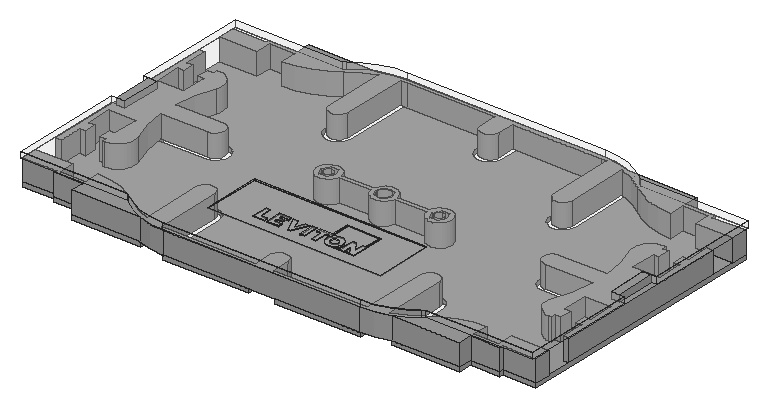
Revit family "Data_Device-Network-Leviton-Splice_Tray-T5PLS", category Data Devices, host Face, Revit 2025 (continued)
Definition of nested family "24-Fiber High Density"
  Lines and regions (in)
    symbolic lines
      curve 17: line (3.61835, 0.29384, 0) -> (3.815, 0.29384, 0)
      curve 18: line (3.815, 0.29384, 0) -> (3.815, 2.00116, 0)
      curve 19: line (3.815, 2.00116, 0) -> (2.21957, 2.00116, 0)
      curve 20: arc (2.21957, 2.00116, 0) -> (2.20273, 2.01354, 0) -> (2.18611, 2.02622, 0) r 1.17102
      curve 21: arc (2.18611, 2.02622, 0) -> (1.84926, 2.21468, 0) -> (1.46883, 2.28, 0) r 1.14053
      curve 22: line (1.46883, 2.28, 0) -> (-1.46883, 2.28, 0)
      curve 23: arc (-1.46883, 2.28, 0) -> (-1.84926, 2.21468, 0) -> (-2.18611, 2.02622, 0) r 1.14053
      curve 24: arc (-2.18611, 2.02622, 0) -> (-2.20273, 2.01354, 0) -> (-2.21957, 2.00116, 0) r 1.17102
  Dimensions and locks (in)
    equal spacing: plane 5 "Top", plane 1 "Center (Front/Back)", plane 7 "Bottom"
    "Height": plane 5 "Top" to plane 7 "Bottom"
    equal spacing: plane 4 "Left", plane 3 "Center (Left/Right)", plane 6 "Right"
    "Width": plane 4 "Left" to plane 6 "Right"
    "Depth": plane 8 to plane 2
    locked: plane 8 to plane 9 at 0.1
    plane 10 to plane 2 = 0.06"
    locked: nested 1 to plane 7 "Bottom" at 0.78
    equal spacing: plane 11, plane 3 "Center (Left/Right)", plane 12
    locked: plane 11 to plane 12 at 1.65338
    Extrusion 5 sketch curve to Extrusion 5 sketch curve to plane 7 "Bottom" = 0.87" locked, 0.6" locked
    equal spacing: Extrusion 5 sketch curve, plane 3 "Center (Left/Right)", Extrusion 5 sketch curve
    locked: Extrusion 5 sketch curve to Extrusion 5 sketch curve at 2.57
    aligned and locked: plane 2 to Extrusion 1
    aligned and locked: level to Extrusion 1
    aligned and locked: plane 10 to Extrusion 3
    aligned and locked: Extrusion 4 sketch curve to plane 4 "Left"
    aligned and locked: Extrusion 4 sketch curve to plane 6 "Right"
    aligned and locked: Extrusion 4 sketch curve to plane 5 "Top"
    aligned and locked: Extrusion 4 sketch curve to plane 7 "Bottom"
    aligned and locked: Extrusion 4 to plane 9
    aligned and locked: nested 1 to plane 9
    aligned and locked: cut or joined group of Extrusion 4, Extrusion 5, Extrusion 6 to plane 9
    aligned and locked: Extrusion 5 to nested 1
    aligned and locked: Extrusion 7 to plane 9
    aligned and locked: curve 1 to cut or joined group of Extrusion 4, Extrusion 5, Extrusion 6
    aligned and locked: curve 2 to cut or joined group of Extrusion 4, Extrusion 5, Extrusion 6
    aligned and locked: curve 3 to cut or joined group of Extrusion 4, Extrusion 5, Extrusion 6
    aligned and locked: curve 4 to cut or joined group of Extrusion 4, Extrusion 5, Extrusion 6
    aligned and locked: curve 5 to cut or joined group of Extrusion 4, Extrusion 5, Extrusion 6
    aligned and locked: curve 6 to cut or joined group of Extrusion 4, Extrusion 5, Extrusion 6
    aligned and locked: curve 7 to cut or joined group of Extrusion 4, Extrusion 5, Extrusion 6
    aligned and locked: curve 8 to cut or joined group of Extrusion 4, Extrusion 5, Extrusion 6
    aligned and locked: curve 9 to cut or joined group of Extrusion 4, Extrusion 5, Extrusion 6
    aligned and locked: curve 10 to cut or joined group of Extrusion 4, Extrusion 5, Extrusion 6
    aligned and locked: curve 11 to cut or joined group of Extrusion 4, Extrusion 5, Extrusion 6
    aligned and locked: curve 12 to cut or joined group of Extrusion 4, Extrusion 5, Extrusion 6
    aligned and locked: curve 13 to cut or joined group of Extrusion 4, Extrusion 5, Extrusion 6
    aligned and locked: curve 14 to cut or joined group of Extrusion 4, Extrusion 5, Extrusion 6
    aligned and locked: curve 15 to cut or joined group of Extrusion 4, Extrusion 5, Extrusion 6
    aligned and locked: curve 16 to cut or joined group of Extrusion 4, Extrusion 5, Extrusion 6
    aligned and locked: curve 17 to cut or joined group of Extrusion 4, Extrusion 5, Extrusion 6
    aligned and locked: curve 18 to cut or joined group of Extrusion 4, Extrusion 5, Extrusion 6
    aligned and locked: curve 19 to cut or joined group of Extrusion 4, Extrusion 5, Extrusion 6
    aligned and locked: curve 20 to cut or joined group of Extrusion 4, Extrusion 5, Extrusion 6
    aligned and locked: curve 21 to cut or joined group of Extrusion 4, Extrusion 5, Extrusion 6
    aligned and locked: curve 22 to cut or joined group of Extrusion 4, Extrusion 5, Extrusion 6
    aligned and locked: curve 23 to cut or joined group of Extrusion 4, Extrusion 5, Extrusion 6
    aligned and locked: curve 24 to cut or joined group of Extrusion 4, Extrusion 5, Extrusion 6
  Automatic sketch dimensions
    Extrusion 1 sketch curve to Extrusion 1 sketch curve = 96"  (x2)
    Extrusion 6 sketch curve to Extrusion 6 sketch curve = 0"  (x2)
    Extrusion 6 sketch curve to plane 11 = 0"
    Extrusion 6 sketch curve to plane 3 "Center (Left/Right)" = 0"
    Extrusion 6 sketch curve to plane 12 = 0"
    plane 1 "Center (Front/Back)" to Extrusion 6 sketch curve = 0.00011"  (x3)
    Extrusion 6 sketch curve to Extrusion 6 sketch curve = 0.1"
    Extrusion 2 sketch curve to Extrusion 2 sketch curve = 0"  (x18)
    Extrusion 2 sketch curve to plane 4 "Left" = 0"  (x3)
    Extrusion 2 sketch curve to plane 3 "Center (Left/Right)" = 0"  (x4)
    Extrusion 2 sketch curve to plane 6 "Right" = 0"  (x3)
    plane 4 "Left" to Extrusion 2 sketch curve = 0.07866"  (x4)
    Extrusion 2 sketch curve to Extrusion 2 sketch curve = 0.08849"  (x8)
    Extrusion 2 sketch curve to Extrusion 2 sketch curve = 0.21631"  (x2)
    plane 4 "Left" to Extrusion 2 sketch curve = 0.49162"  (x2)
    Extrusion 2 sketch curve to Extrusion 2 sketch curve = 0.03747"  (x6)
    Extrusion 2 sketch curve to Extrusion 2 sketch curve = 0.05899"  (x9)
    Extrusion 2 sketch curve to plane 1 "Center (Front/Back)" = 0.13652"
    Extrusion 2 sketch curve to Extrusion 2 sketch curve = 0.12918"
    Extrusion 2 sketch curve to Extrusion 2 sketch curve = 0.00016"  (x2)
    plane 4 "Left" to Extrusion 2 sketch curve = 0.90371"  (x2)
    Extrusion 2 sketch curve to Extrusion 2 sketch curve = 0.37363"  (x9)
    plane 1 "Center (Front/Back)" to Extrusion 2 sketch curve = 0.13879"  (x2)
    Extrusion 2 sketch curve to Extrusion 2 sketch curve = 0.70451"
    Extrusion 2 sketch curve to plane 5 "Top" = 0.07787"
    Extrusion 2 sketch curve to Extrusion 2 sketch curve = 1.01533"  (x2)
    plane 7 "Bottom" to Extrusion 2 sketch curve = 0.07787"
    Extrusion 2 sketch curve to Extrusion 2 sketch curve = 0.06624"  (x4)
    Extrusion 2 sketch curve to Extrusion 2 sketch curve = 0.13765"  (x9)
    Extrusion 2 sketch curve to Extrusion 2 sketch curve = 0.08"  (x3)
    Extrusion 2 sketch curve to Extrusion 2 sketch curve = 0.00943"  (x6)
    plane 1 "Center (Front/Back)" to Extrusion 2 sketch curve = 0.00113"  (x3)
    Extrusion 2 sketch curve to plane 11 = 0.44521"
    plane 1 "Center (Front/Back)" to Extrusion 2 sketch curve = 0.00011"  (x5)
    Extrusion 2 sketch curve to plane 11 = 0.12302"
    Extrusion 2 sketch curve to plane 11 = 0.06151"  (x2)
    plane 11 to Extrusion 2 sketch curve = 0.00076"
    plane 11 to Extrusion 2 sketch curve = 0.06151"  (x2)
    Extrusion 2 sketch curve to Extrusion 2 sketch curve = 0.12226"
    Extrusion 2 sketch curve to plane 1 "Center (Front/Back)" = 0.02963"  (x2)
    Extrusion 2 sketch curve to Extrusion 2 sketch curve = 0.05203"  (x2)
    plane 1 "Center (Front/Back)" to Extrusion 2 sketch curve = 0.02942"  (x2)
    Extrusion 2 sketch curve to Extrusion 2 sketch curve = 0.00042"  (x2)
    Extrusion 2 sketch curve to plane 3 "Center (Left/Right)" = 0.17667"
    Extrusion 2 sketch curve to plane 5 "Top" = 0.05899"
    Extrusion 2 sketch curve to plane 3 "Center (Left/Right)" = 0.13765"
    plane 12 to Extrusion 2 sketch curve = 0.17547"
    plane 12 to Extrusion 2 sketch curve = 0.06151"  (x2)
    plane 12 to Extrusion 2 sketch curve = 0.00076"
    Extrusion 2 sketch curve to plane 12 = 0.06151"  (x2)
    Extrusion 2 sketch curve to plane 12 = 0.12302"
    Extrusion 2 sketch curve to Extrusion 2 sketch curve = 0.32219"
    Extrusion 2 sketch curve to plane 1 "Center (Front/Back)" = 0.00113"  (x2)
    Extrusion 2 sketch curve to plane 12 = 0.61775"  (x2)
    Extrusion 2 sketch curve to Extrusion 2 sketch curve = 0.08943"
    Extrusion 2 sketch curve to Extrusion 2 sketch curve = 1.23728"
    Extrusion 2 sketch curve to plane 6 "Right" = 0.92425"  (x2)
    Extrusion 2 sketch curve to plane 5 "Top" = 0.27846"
    Extrusion 2 sketch curve to Extrusion 2 sketch curve = 0.02054"  (x2)
    Extrusion 2 sketch curve to plane 6 "Right" = 0.6013"
    Extrusion 2 sketch curve to plane 6 "Right" = 0.50943"  (x2)
    Extrusion 2 sketch curve to plane 6 "Right" = 0.16715"  (x2)
    Extrusion 2 sketch curve to plane 6 "Right" = 0.07866"  (x4)
    Extrusion 2 sketch curve to plane 7 "Bottom" = 0.60961"  (x2)
    plane 7 "Bottom" to Extrusion 2 sketch curve = 0.05899"  (x2)
    Extrusion 2 sketch curve to Extrusion 2 sketch curve = 0.00339"  (x2)
    Extrusion 2 sketch curve to Extrusion 2 sketch curve = 0.68749"
    Extrusion 2 sketch curve to Extrusion 2 sketch curve = 0.03891"  (x4)
    Extrusion 2 sketch curve to Extrusion 2 sketch curve = 0.20058"
    plane 7 "Bottom" to Extrusion 2 sketch curve = 0.27846"
    Extrusion 2 sketch curve to Extrusion 2 sketch curve = 0.25564"  (x2)
    Extrusion 2 sketch curve to Extrusion 2 sketch curve = 0.05585"  (x3)
    Extrusion 2 sketch curve to Extrusion 2 sketch curve = 0.00315"
    Extrusion 2 sketch curve to Extrusion 2 sketch curve = 0.23265"  (x3)
    Extrusion 2 sketch curve to Extrusion 2 sketch curve = 0.23598"  (x2)
    Extrusion 2 sketch curve to Extrusion 2 sketch curve = 0.23283"
    Extrusion 2 sketch curve to Extrusion 2 sketch curve = 0.27173"  (x2)
    Extrusion 2 sketch curve to Extrusion 2 sketch curve = 0.06351"  (x4)
    Extrusion 2 sketch curve to Extrusion 2 sketch curve = 0.33524"  (x3)
    Extrusion 2 sketch curve to Extrusion 2 sketch curve = 0.17605"  (x8)
    Extrusion 2 sketch curve to Extrusion 2 sketch curve = 0.00625"  (x4)
    Extrusion 2 sketch curve to Extrusion 2 sketch curve = 0.31237"
    plane 1 "Center (Front/Back)" to Extrusion 2 sketch curve = 0.10664"  (x2)
    Extrusion 2 sketch curve to plane 1 "Center (Front/Back)" = 0.00011"
    Extrusion 2 sketch curve to plane 1 "Center (Front/Back)" = 0.10643"  (x2)
    Extrusion 2 sketch curve to plane 1 "Center (Front/Back)" = 0.45116"  (x2)
    Extrusion 2 sketch curve to Extrusion 2 sketch curve = 0.36739"  (x2)
    Extrusion 2 sketch curve to plane 1 "Center (Front/Back)" = 1.04111"
    Extrusion 2 sketch curve to Extrusion 2 sketch curve = 0.29165"
    Extrusion 2 sketch curve to Extrusion 2 sketch curve = 0.00018"
    Extrusion 2 sketch curve to plane 5 "Top" = 0.06239"
    plane 5 "Top" to Extrusion 2 sketch curve = 0.60961"  (x2)
    Extrusion 2 sketch curve to plane 5 "Top" = 0"
    Extrusion 2 sketch curve to plane 7 "Bottom" = 0"
    Extrusion 3 sketch curve to plane 4 "Left" = 0"
    Extrusion 3 sketch curve to plane 7 "Bottom" = 0"  (x2)
    Extrusion 3 sketch curve to plane 5 "Top" = 0"  (x2)
    Extrusion 3 sketch curve to plane 3 "Center (Left/Right)" = 0"  (x2)
    Extrusion 3 sketch curve to plane 6 "Right" = 0"
    plane 4 "Left" to Extrusion 3 sketch curve = 0.49162"
    Extrusion 3 sketch curve to Extrusion 3 sketch curve = 0.49162"
    Extrusion 3 sketch curve to plane 1 "Center (Front/Back)" = 0.19552"  (x2)
    plane 4 "Left" to Extrusion 3 sketch curve = 0.60622"
    plane 1 "Center (Front/Back)" to Extrusion 3 sketch curve = 0.19778"  (x2)
    Extrusion 3 sketch curve to Extrusion 3 sketch curve = 0"
    Extrusion 3 sketch curve to plane 5 "Top" = 0.07787"  (x2)
    Extrusion 3 sketch curve to Extrusion 3 sketch curve = 0.43263"  (x4)
    plane 7 "Bottom" to Extrusion 3 sketch curve = 0.07787"  (x2)
    Extrusion 3 sketch curve to Extrusion 3 sketch curve = 0.69959"
    Extrusion 3 sketch curve to Extrusion 3 sketch curve = 1.02258"
    Extrusion 3 sketch curve to plane 11 = 1.04148"
    Extrusion 3 sketch curve to Extrusion 3 sketch curve = 0.19665"  (x5)
    Extrusion 3 sketch curve to plane 11 = 0.44521"
    Extrusion 3 sketch curve to plane 3 "Center (Left/Right)" = 0.19665"
    plane 1 "Center (Front/Back)" to Extrusion 3 sketch curve = 0.00113"
    Extrusion 3 sketch curve to plane 12 = 0.44521"
    Extrusion 3 sketch curve to plane 12 = 0.64818"  (x2)
    Extrusion 3 sketch curve to Extrusion 3 sketch curve = 0.64102"
    Extrusion 3 sketch curve to plane 6 "Right" = 0.92425"  (x2)
    Extrusion 3 sketch curve to plane 5 "Top" = 0.27846"
    Extrusion 3 sketch curve to plane 6 "Right" = 0.60622"
    plane 7 "Bottom" to Extrusion 3 sketch curve = 0.27846"
    Extrusion 3 sketch curve to Extrusion 3 sketch curve = 0.20058"  (x2)
    plane 7 "Bottom" to Extrusion 3 sketch curve = 0.31464"
    plane 7 "Bottom" to Extrusion 3 sketch curve = 0.3343"  (x2)
    Extrusion 3 sketch curve to Extrusion 3 sketch curve = 0.96437"  (x3)
    Extrusion 3 sketch curve to Extrusion 3 sketch curve = 1.04224"
    Extrusion 3 sketch curve to plane 5 "Top" = 0.3343"  (x2)
    Extrusion 3 sketch curve to Extrusion 3 sketch curve = 0.31464"
    Extrusion 4 sketch curve to plane 6 "Right" = 0"
    Extrusion 4 sketch curve to plane 4 "Left" = 0"
    Extrusion 4 sketch curve to plane 5 "Top" = 0.27884"  (x2)
    Extrusion 4 sketch curve to plane 7 "Bottom" = 0.67085"  (x2)
    plane 7 "Bottom" to Extrusion 4 sketch curve = 0.27884"  (x2)
    plane 1 "Center (Front/Back)" to Extrusion 4 sketch curve = 1.13947"  (x2)
    plane 1 "Center (Front/Back)" to Extrusion 4 sketch curve = 0.29611"  (x2)
    Extrusion 4 sketch curve to plane 1 "Center (Front/Back)" = 0.29384"  (x2)
    Extrusion 4 sketch curve to plane 1 "Center (Front/Back)" = 1.13947"  (x2)
    plane 5 "Top" to Extrusion 4 sketch curve = 0.67085"  (x2)
    Extrusion 4 sketch curve to plane 6 "Right" = 0.19665"
    Extrusion 4 sketch curve to plane 6 "Right" = 0.91032"  (x2)
    Extrusion 4 sketch curve to Extrusion 4 sketch curve = 1.43585"  (x2)
    Extrusion 4 sketch curve to Extrusion 4 sketch curve = 0.68511"  (x2)
    Extrusion 4 sketch curve to Extrusion 4 sketch curve = 0.75073"  (x4)
    Extrusion 4 sketch curve to plane 11 = 0.64214"  (x2)
    Extrusion 4 sketch curve to Extrusion 4 sketch curve = 0.19665"
    plane 4 "Left" to Extrusion 7 sketch curve = 0.07866"
    plane 1 "Center (Front/Back)" to Extrusion 7 sketch curve = 0.29611"  (x2)
    Extrusion 7 sketch curve to plane 1 "Center (Front/Back)" = 0.29384"  (x2)
    Extrusion 7 sketch curve to plane 6 "Right" = 0.07866"
    Extrusion 7 sketch curve to Extrusion 7 sketch curve = 0.11799"  (x2)
    Extrusion 8 sketch curve to plane 4 "Left" = 0"
    Extrusion 8 sketch curve to plane 7 "Bottom" = 0"
    Extrusion 8 sketch curve to plane 6 "Right" = 0"
    plane 4 "Left" to Extrusion 8 sketch curve = 0.49162"
    Extrusion 8 sketch curve to Extrusion 8 sketch curve = 0.49162"
    Extrusion 8 sketch curve to Extrusion 8 sketch curve = 0.43263"  (x4)
    plane 7 "Bottom" to Extrusion 8 sketch curve = 0.07787"  (x2)
    Extrusion 8 sketch curve to Extrusion 8 sketch curve = 1.0077"  (x2)
    Extrusion 8 sketch curve to plane 6 "Right" = 0.92425"  (x2)
    Extrusion 8 sketch curve to plane 5 "Top" = 0.27846"
    plane 7 "Bottom" to Extrusion 8 sketch curve = 0.27846"
    Extrusion 8 sketch curve to Extrusion 8 sketch curve = 0.20058"  (x2)
    plane 7 "Bottom" to Extrusion 8 sketch curve = 0.3343"  (x2)
    Extrusion 8 sketch curve to plane 5 "Top" = 0.3343"  (x2)
    Extrusion 8 sketch curve to plane 5 "Top" = 0.07787"  (x2)
    Extrusion 8 sketch curve to plane 12 = 0.64214"  (x2)
    Extrusion 8 sketch curve to Extrusion 8 sketch curve = 0.41421"  (x2)
    Extrusion 8 sketch curve to plane 5 "Top" = 0"
    Extrusion 8 sketch curve to plane 11 = 0.64214"  (x2)
    curve 7 to plane 4 "Left" = 0"
    curve 1 to plane 4 "Left" = 0"
    curve 23 to plane 5 "Top" = 0"
    curve 9 to plane 7 "Bottom" = 0"
    curve 18 to plane 6 "Right" = 0"
    curve 15 to plane 6 "Right" = 0"
    curve 2 to curve 4 = 0.19665"
    plane 4 "Left" to curve 24 = 0.91032"
    plane 4 "Left" to curve 8 = 0.91032"
    curve 1 to plane 5 "Top" = 0.27884"
    curve 24 to curve 1 = 0.68511"
    plane 7 "Bottom" to curve 7 = 0.27884"
    curve 8 to curve 7 = 0.68511"
    curve 23 to plane 11 = 0.64214"
    curve 7 to curve 10 = 0.75073"
    curve 10 to plane 12 = 0.64214"
    curve 21 to plane 12 = 0.64214"
    plane 7 "Bottom" to curve 13 = 0.27884"
    curve 11 to curve 13 = 0.75073"
    curve 19 to plane 5 "Top" = 0.27884"
    curve 21 to curve 19 = 0.75073"
    curve 12 to plane 6 "Right" = 0.91032"
    curve 20 to plane 6 "Right" = 0.91032"
    curve 15 to plane 6 "Right" = 0.19665"
    curve 12 to plane 7 "Bottom" = 0.67085"
    curve 8 to plane 7 "Bottom" = 0.67085"
    plane 1 "Center (Front/Back)" to curve 11 = 1.13947"
    plane 1 "Center (Front/Back)" to curve 9 = 1.13947"
    plane 1 "Center (Front/Back)" to curve 6 = 0.29611"
    plane 1 "Center (Front/Back)" to curve 16 = 0.29611"
    curve 17 to plane 1 "Center (Front/Back)" = 0.29384"
    curve 2 to plane 1 "Center (Front/Back)" = 0.29384"
    curve 21 to plane 1 "Center (Front/Back)" = 1.13947"
    curve 23 to plane 1 "Center (Front/Back)" = 1.13947"
    plane 5 "Top" to curve 20 = 0.67085"
    plane 5 "Top" to curve 24 = 0.67085"
    radius of Extrusion 6 sketch curve = 0.06889"  (x2)
    radius of Extrusion 2 sketch curve = 0.12007"
  Nested families (in)
    nested 1: "Levinton-Logo-Mini" at (0, -1.5, 0.47437), type "Mini", detail levels medium+fine
      with Logo Material none
  Definition of nested family "Levinton-Logo-Mini"
    Parameters (values of type "Mini")
      Logo Material [instance] = none
      Height = 0.645"
      Default Elevation = 48"
    Reference planes (in)
      plane 1 "Center (Front/Back)": y = 0
      plane 2: z = 0
      plane 3 "Center (Left/Right)": x = 0
      plane 4 "Logo Bottom": z = -0.01563
      plane 5: y = 0.52022
      plane 6: x = -0.75
      plane 7: x = 0.75
    Forms (in)
      Extrusion 1, solid, material <- "Logo Material"
        sketch origin (0, 0, -0.01563) x (-1, 0, 0) y (0, -1, 0)
          loop
            line (0.6807, -0.2447) -> (0.75, -0.2447) -> (0.75, 0) -> (0.58397, 0) -> (0.58397, -0.0648) -> (0.6807, -0.0648) -> (0.6807, -0.2447)
          loop
            line (0.36502, -0.2447) -> (0.54675, -0.2447) -> (0.54675, 0) -> (0.36343, 0) -> (0.36343, -0.0638) -> (0.47784, -0.0638) -> (0.47784, -0.09755) -> (0.39492, -0.09755) -> (0.39492, -0.1488) -> (0.47784, -0.1488) -> (0.47784, -0.181) -> (0.36502, -0.181) -> (0.36502, -0.2447)
          loop
            line (0.26335, -0.2447) -> (0.33945, -0.2447) -> (0.24068, 0.00131) -> (0.18347, 0.00146) -> (0.08461, -0.2447) -> (0.15942, -0.2447) -> (0.21139, -0.10474) -> (0.26335, -0.2447)
          loop
            line (-0.01265, -0.2447) -> (0.05659, -0.2447) -> (0.05659, 0) -> (-0.01265, 0) -> (-0.01265, -0.2447)
          loop
            line (-0.36974, 0.00286) -> (-0.75, 0.00286) -> (-0.75, -0.52022) -> (-0.24513, -0.52022) -> (-0.24513, -0.2447) -> (-0.05545, -0.2447) -> (-0.05545, -0.1794) -> (-0.11618, -0.1794) -> (-0.11618, 0) -> (-0.18542, 0) -> (-0.18542, -0.1794) -> (-0.24514, -0.1794) -> (-0.24514, -0.12175)
            arc (-0.24514, -0.12175) -> (-0.28164, -0.03364) -> (-0.36974, 0.00286) r 0.1246
          loop
            line (-0.43149, -0.01348) -> (-0.53031, -0.01348) -> (-0.53031, -0.2447) -> (-0.59073, -0.2447) -> (-0.6814, -0.12172) -> (-0.6814, -0.2447) -> (-0.73267, -0.2447) -> (-0.73265, -0.50286) -> (-0.26251, -0.50286) -> (-0.26242, -0.18507)
            arc (-0.26242, -0.18507) -> (-0.45852, -0.2092) -> (-0.43149, -0.01348) r 0.12462
          loop
            line (-0.59892, -0.01348) -> (-0.6814, -0.01348) -> (-0.59892, -0.12534) -> (-0.59892, -0.01348)
          loop
            circle (-0.36975, -0.12173) r 0.05894
        from 0.01562 to 0.03125
    Dimensions and locks (in)
      locked: plane 2 to plane 4 "Logo Bottom" at 0.01562
      equal spacing: plane 6, plane 3 "Center (Left/Right)", plane 7
      locked: plane 6 to plane 7 at 1.5
      locked: plane 1 "Center (Front/Back)" to plane 5 at 0.52022
    Automatic sketch dimensions
      Extrusion 1 sketch curve to Extrusion 1 sketch curve = 0"  (x7)
      plane 1 "Center (Front/Back)" to Extrusion 1 sketch curve = 0"  (x4)
      Extrusion 1 sketch curve to plane 3 "Center (Left/Right)" = 0.75"
      Extrusion 1 sketch curve to Extrusion 1 sketch curve = 0.01733"
      Extrusion 1 sketch curve to Extrusion 1 sketch curve = 0.01735"
      Extrusion 1 sketch curve to plane 1 "Center (Front/Back)" = 0.12172"
      Extrusion 1 sketch curve to Extrusion 1 sketch curve = 0.05127"
      Extrusion 1 sketch curve to plane 1 "Center (Front/Back)" = 0.01348"  (x2)
      Extrusion 1 sketch curve to Extrusion 1 sketch curve = 0.0686"
      Extrusion 1 sketch curve to plane 1 "Center (Front/Back)" = 0.12534"
      Extrusion 1 sketch curve to Extrusion 1 sketch curve = 0.08248"
      Extrusion 1 sketch curve to plane 1 "Center (Front/Back)" = 0.2447"  (x2)
      Extrusion 1 sketch curve to Extrusion 1 sketch curve = 0.09067"
      Extrusion 1 sketch curve to Extrusion 1 sketch curve = 0.06041"
      Extrusion 1 sketch curve to Extrusion 1 sketch curve = 0.09883"
      Extrusion 1 sketch curve to Extrusion 1 sketch curve = 0.06174"
      Extrusion 1 sketch curve to Extrusion 1 sketch curve = 0.00001"  (x2)
      plane 3 "Center (Left/Right)" to Extrusion 1 sketch curve = 0.26251"
      Extrusion 1 sketch curve to Extrusion 1 sketch curve = 0.10732"
      Extrusion 1 sketch curve to Extrusion 1 sketch curve = 0.01728"
      Extrusion 1 sketch curve to Extrusion 1 sketch curve = 0.01729"
      Extrusion 1 sketch curve to Extrusion 1 sketch curve = 0.05972"
      Extrusion 1 sketch curve to Extrusion 1 sketch curve = 0.06924"
      plane 3 "Center (Left/Right)" to Extrusion 1 sketch curve = 0.05545"
      plane 3 "Center (Left/Right)" to Extrusion 1 sketch curve = 0.01265"
      Extrusion 1 sketch curve to plane 3 "Center (Left/Right)" = 0.05659"
      Extrusion 1 sketch curve to Extrusion 1 sketch curve = 0.02802"
      Extrusion 1 sketch curve to Extrusion 1 sketch curve = 0.07482"
      plane 1 "Center (Front/Back)" to Extrusion 1 sketch curve = 0.00146"
      Extrusion 1 sketch curve to Extrusion 1 sketch curve = 0.12688"
      Extrusion 1 sketch curve to plane 1 "Center (Front/Back)" = 0.10474"
      Extrusion 1 sketch curve to Extrusion 1 sketch curve = 0.02792"
      plane 1 "Center (Front/Back)" to Extrusion 1 sketch curve = 0.00131"
      Extrusion 1 sketch curve to Extrusion 1 sketch curve = 0.05721"
      Extrusion 1 sketch curve to Extrusion 1 sketch curve = 0.10392"
      Extrusion 1 sketch curve to Extrusion 1 sketch curve = 0.0761"
      Extrusion 1 sketch curve to Extrusion 1 sketch curve = 0.12275"
      Extrusion 1 sketch curve to Extrusion 1 sketch curve = 0.02557"
      Extrusion 1 sketch curve to Extrusion 1 sketch curve = 0.02991"
      Extrusion 1 sketch curve to Extrusion 1 sketch curve = 0.08291"
      Extrusion 1 sketch curve to Extrusion 1 sketch curve = 0.06892"
      Extrusion 1 sketch curve to Extrusion 1 sketch curve = 0.03722"
      Extrusion 1 sketch curve to Extrusion 1 sketch curve = 0.09673"
      Extrusion 1 sketch curve to Extrusion 1 sketch curve = 0.0693"
      Extrusion 1 sketch curve to Extrusion 1 sketch curve = 0.12298"
      Extrusion 1 sketch curve to Extrusion 1 sketch curve = 0.25817"
      Extrusion 1 sketch curve to Extrusion 1 sketch curve = 0.01736"
      Extrusion 1 sketch curve to Extrusion 1 sketch curve = 0.05963"
      Extrusion 1 sketch curve to Extrusion 1 sketch curve = 0.0637"
      Extrusion 1 sketch curve to Extrusion 1 sketch curve = 0.00566"
      Extrusion 1 sketch curve to Extrusion 1 sketch curve = 0.06529"
      Extrusion 1 sketch curve to Extrusion 1 sketch curve = 0.03219"
      Extrusion 1 sketch curve to Extrusion 1 sketch curve = 0.05126"
      Extrusion 1 sketch curve to Extrusion 1 sketch curve = 0.0648"
      Extrusion 1 sketch curve to Extrusion 1 sketch curve = 0.03375"
      plane 1 "Center (Front/Back)" to Extrusion 1 sketch curve = 0.00286"
      radius of Extrusion 1 sketch curve = 0.05894"
Definition of nested family "Symbol"
  Parameters
    Tel Data = no
    Phone = no
    Data = yes
  Reference planes (in)
    plane 1: y = 0
    plane 2: x = 0
  Lines and regions (in)
    Filled region 1, type "Solid Black", visible <- "Tel Data"
      outline origin (0, 0, 0) x (1, 0, 0) y (0, 1, 0)
        loop
          line (0, 0) -> (0.0654, 0.11328) -> (0, 0.11328) -> (0, 0)
    Filled region 2, type "Solid Black", visible <- "Phone"
      outline origin (0, 0, 0) x (1, 0, 0) y (0, 1, 0)
        loop
          line (0, 0) -> (0.0654, 0.11328) -> (-0.0654, 0.11328) -> (0, 0)
    Filled region 3, type "White", visible <- "Data"
      outline origin (0, 0, 0) x (1, 0, 0) y (0, 1, 0)
        loop
          line (0, 0) -> (0.0654, 0.11328) -> (-0.0654, 0.11328) -> (0, 0)
    Filled region 4, type "White", visible <- "Tel Data"
      outline origin (0, 0, 0) x (1, 0, 0) y (0, 1, 0)
        loop
          line (0, 0.11328) -> (-0.0654, 0.11328) -> (0, 0) -> (0, 0.11328)
Types (2): name | z Leviton Type | z Is 24 Fibers | z Is 12 Fibers | Width | Part Number | Part Description | Height | Description | Depth | Adapter Material
  12-Fiber Splice Tray | 1 | no | yes | 5.59" | "T5PLS-12F" | "OPT-X SDX Engage Low Loss MTP Fiber Cassettes - OM3, 12-fiber, MPT to LC shuttered, C Polarity." | 3.74" | "OPT-X SDX Engage Low Loss MTP Fiber Cassettes - OM3, 12-fiber, MPT to LC shuttered, C Polarity." | 0.53" | Plastic - Leviton - Aqua
  24-Fiber Splice Tray | 2 | yes | no | 7.621" | "T5PLS-24F" | "OPT-X SDX Engage Low Loss MTP Fiber Cassettes - OS2, 24-fiber, 2x12F MTP to LC shuttered, C Polarity." | 4.567" | "OPT-X SDX Engage Low Loss MTP Fiber Cassettes - OS2, 24-fiber, 2x12F MTP to LC shuttered, C Polarity." | 0.49" | Plastic - Leviton - Blue
